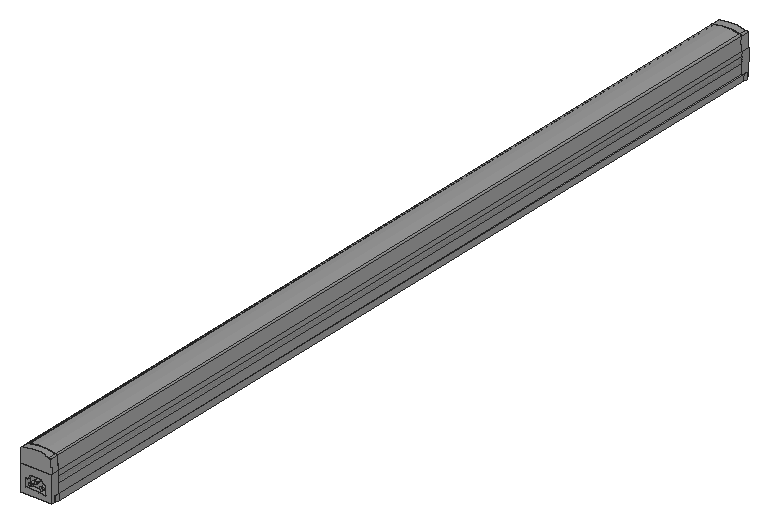
Revit family "EasyLink", category Electrical Fixtures, Revit 2013
Reference planes (in)
  plane 1 "Center (Front/Back)": y = 0
  plane 2: z = 0
  plane 3 "Center (Left/Right)": x = 0
Forms (in)
  Extrusion 1, solid, material "Plastic, Gray"
    sketch origin (3.15717, 27.14272, -27.14256) x (1, 0, 0) y (0, -0.000006, 1)
      loop
        line (32.26496, 28.60421) -> (32.26496, 28.30956)
        spline (32.26496, 28.30956) -> (32.27627, 28.25957) -> (32.27274, 28.22514) -> (32.26733, 28.19952) -> (32.26856, 28.17728) -> (32.27298, 28.15671) -> (32.27515, 28.1367) -> (32.27207, 28.11621) -> (32.26778, 28.09438) -> (32.26757, 28.07035) -> (32.27379, 28.04273) -> (32.27704, 28.00782) -> (32.26496, 27.96139)
        line (32.26496, 27.96139) -> (32.26496, 27.45883) -> (32.17561, 27.45883) -> (32.17561, 27.14284) -> (34.00695, 27.14284) -> (34.09561, 27.14284) -> (34.09561, 27.45883) -> (34.00682, 27.45883) -> (34.00682, 27.96139)
        spline (34.00682, 27.96139) -> (33.99465, 28.00817) -> (33.99792, 28.04334) -> (34.00419, 28.07117) -> (34.00398, 28.09538) -> (33.99966, 28.11738) -> (33.99655, 28.13802) -> (33.99874, 28.15818) -> (34.0032, 28.17891) -> (34.00444, 28.20131) -> (33.99898, 28.22713) -> (33.99543, 28.26182) -> (34.00682, 28.31219)
        line (34.00682, 28.31219) -> (34.00682, 28.60421) -> (32.26496, 28.60421)
    from 0 to 48
  Extrusion 2, solid, material "Plastic, Opaque White"
    sketch origin (3.15717, 27.14272, -27.14256) x (1, 0, 0) y (0, -0.000006, 1)
      loop
        line (32.26496, 28.60421) -> (32.36705, 28.60421) -> (32.41302, 29.37702)
        arc (32.41302, 29.37702) -> (33.13611, 29.47147) -> (33.8592, 29.37702) r 2.81522
        line (33.8592, 29.37702) -> (33.90517, 28.60421) -> (34.00682, 28.60421) -> (33.96363, 29.33043)
        arc (33.96363, 29.33043) -> (33.94081, 29.38926) -> (33.888, 29.42382) r 0.10323
        arc (33.888, 29.42382) -> (33.13639, 29.52547) -> (32.38477, 29.42382) r 2.82967
        arc (32.38477, 29.42382) -> (32.32897, 29.38517) -> (32.30946, 29.32016) r 0.1027
        line (32.30946, 29.32016) -> (32.26496, 28.60421)
    from 0 to 48
  Extrusion 3, solid, material "Plastic, Gray"
    sketch origin (3.15519, -20.85729, -27.14272) x (1, 0, 0) y (0, -0.000006, 1)
      loop
        line (32.26693, 28.60668) -> (32.26693, 27.14256) -> (34.0088, 27.14256) -> (34.0088, 28.60668) -> (32.26693, 28.60668)
      loop
        line (32.55615, 27.95632) -> (32.55615, 27.45632) -> (33.71615, 27.45632) -> (33.71615, 27.95632) -> (33.55757, 27.95632) -> (33.42534, 28.17638) -> (32.84608, 28.17638) -> (32.71473, 27.95632) -> (32.55615, 27.95632)
    from 0 to 0.4375
  Extrusion 4, solid, material "Plastic, Gray"
    sketch origin (3.15573, -20.85729, -27.14272) x (1, 0, 0) y (0, -0.000006, 1)
      loop
        line (32.84554, 28.17638) -> (32.71419, 27.95632) -> (32.55561, 27.95632) -> (32.55561, 27.45632) -> (33.71561, 27.45632) -> (33.71561, 27.95632) -> (33.55703, 27.95632) -> (33.4248, 28.17638) -> (32.84554, 28.17638)
      loop
        circle (33.13782, 27.92492) r 0.085
      loop
        circle (32.82077, 27.69457) r 0.085
      loop
        circle (33.45205, 27.69457) r 0.085
    from 0 to 0.125
  Extrusion 5, solid, material "Aluminum 7075"
    sketch origin (3.15573, -20.85729, -27.14272) x (1, 0, 0) y (0, -0.000006, 1)
      loop
        circle (33.13782, 27.92492) r 0.085
      loop
        circle (32.82077, 27.69457) r 0.085
      loop
        circle (33.45205, 27.69457) r 0.085
    from 0 to 0.4375
  Extrusion 6, solid, not visible
    sketch origin (-0.00054, 0, 0) x (1, 0, 0) y (0, 1, 0)
      loop
        line (32.31481, 28.58859) -> (32.31481, 28.30956)
        spline (32.31481, 28.30956) -> (32.32612, 28.25957) -> (32.3226, 28.22514) -> (32.31719, 28.19952) -> (32.31841, 28.17728) -> (32.32284, 28.15671) -> (32.32501, 28.1367) -> (32.32193, 28.11621) -> (32.31764, 28.09438) -> (32.31743, 28.07035) -> (32.32365, 28.04273) -> (32.3269, 28.00782) -> (32.31481, 27.96139)
        line (32.31481, 27.96139) -> (32.31481, 27.14256) -> (33.95684, 27.14256) -> (33.95684, 27.96139)
        spline (33.95684, 27.96139) -> (33.94467, 28.00817) -> (33.94794, 28.04334) -> (33.95421, 28.07117) -> (33.954, 28.09538) -> (33.94968, 28.11738) -> (33.94657, 28.13802) -> (33.94876, 28.15818) -> (33.95322, 28.17891) -> (33.95446, 28.20131) -> (33.949, 28.22713) -> (33.94545, 28.26182) -> (33.95684, 28.31219)
        line (33.95684, 28.31219) -> (33.95684, 28.58859) -> (32.31481, 28.58859)
      loop
        line (32.55615, 27.95632) -> (32.55615, 27.45632) -> (33.71615, 27.45632) -> (33.71615, 27.95632) -> (33.55757, 27.95632) -> (33.42534, 28.17638) -> (32.84608, 28.17638) -> (32.71473, 27.95632) -> (32.55615, 27.95632)
    from 0 to 0.4375
  Extrusion 7, solid, not visible
    sketch origin (0, 0, 0) x (1, 0, 0) y (0, 1, 0)
      loop
        line (32.84554, 28.17638) -> (32.71419, 27.95632) -> (32.55561, 27.95632) -> (32.55561, 27.45632) -> (33.71561, 27.45632) -> (33.71561, 27.95632) -> (33.55703, 27.95632) -> (33.4248, 28.17638) -> (32.84554, 28.17638)
      loop
        circle (33.13782, 27.92492) r 0.085
      loop
        circle (32.82077, 27.69457) r 0.085
      loop
        circle (33.45205, 27.69457) r 0.085
    from 0 to 0.125
  Extrusion 8, solid, not visible
    sketch origin (0, 0, 0) x (1, 0, 0) y (0, 1, 0)
      loop
        circle (33.13782, 27.92492) r 0.085
      loop
        circle (32.82077, 27.69457) r 0.085
      loop
        circle (33.45205, 27.69457) r 0.085
    from 0 to 0.4375
  Extrusion 9, solid, material "Plastic, Gray"
    sketch origin (0, 0, 0) x (1, 0, 0) y (0, 1, 0)
      loop
        line (37.25278, -20.85744) -> (37.16259, -20.85744) -> (37.16259, -21.15667) -> (37.25278, -21.06648) -> (37.25278, -20.85744)
    from 0 to 0.316
  Extrusion 10, solid, material "Plastic, Gray"
    sketch origin (72.58572, 0, 0) x (-1, 0, 0) y (0, -1, 0)
      loop
        line (37.25278, 20.85744) -> (37.25278, 21.06648) -> (37.16259, 21.15667) -> (37.16259, 20.85744) -> (37.25278, 20.85744)
    from 0 to 0.316
  Extrusion 11, solid, not visible
    sketch origin (0, -20.85745, 0) x (1, 0, 0) y (0, 0, 1)
      loop
        line (35.42404, 1.46138) -> (37.16399, 1.46138) -> (37.12067, 2.1897)
        arc (37.12067, 2.1897) -> (37.09739, 2.24741) -> (37.04517, 2.28126) r 0.10323
        arc (37.04517, 2.28126) -> (36.29356, 2.38291) -> (35.54194, 2.28126) r 2.82967
        arc (35.54194, 2.28126) -> (35.48609, 2.24255) -> (35.46663, 2.17744) r 0.1027
        line (35.46663, 2.17744) -> (35.42404, 1.46138)
    from 0 to 0.4375
  Extrusion 12, solid, not visible
    sketch origin (0, 0, 0) x (1, 0, 0) y (0, 1, 0)
      loop
        line (37.25278, -20.85744) -> (37.16259, -20.85744) -> (37.16259, -21.15667) -> (37.25278, -21.06648) -> (37.25278, -20.85744)
    from 0 to 0.316
  Extrusion 13, solid, not visible
    sketch origin (72.58572, 0, 0) x (-1, 0, 0) y (0, -1, 0)
      loop
        line (37.25278, 20.85744) -> (37.25278, 21.06648) -> (37.16259, 21.15667) -> (37.16259, 20.85744) -> (37.25278, 20.85744)
    from 0 to 0.316
  Extrusion 14, solid, material "Plastic, Gray"
    sketch origin (3.15519, 27.14238, -27.14272) x (1, 0, 0) y (0, -0.000006, -1)
      loop
        line (32.26693, -28.60668) -> (34.0088, -28.60668) -> (34.0088, -27.14256) -> (32.26693, -27.14256) -> (32.26693, -28.60668)
      loop
        line (32.55615, -27.95632) -> (32.71473, -27.95632) -> (32.84608, -28.17638) -> (33.42534, -28.17638) -> (33.55757, -27.95632) -> (33.71615, -27.95632) -> (33.71615, -27.45632) -> (32.55615, -27.45632) -> (32.55615, -27.95632)
    from 0 to 0.4375
  Extrusion 15, solid
    sketch origin (3.15573, 27.14238, -27.14272) x (1, 0, 0) y (0, -0.000006, -1)
      loop
        line (32.84554, -28.17638) -> (33.4248, -28.17638) -> (33.55703, -27.95632) -> (33.71561, -27.95632) -> (33.71561, -27.45632) -> (32.55561, -27.45632) -> (32.55561, -27.95632) -> (32.71419, -27.95632) -> (32.84554, -28.17638)
      loop
        circle (33.13782, -27.92492) r 0.085
      loop
        circle (32.82077, -27.69457) r 0.085
      loop
        circle (33.45205, -27.69457) r 0.085
    from 0 to 0.125
  Extrusion 16, solid, material "Plastic, Opaque White"
    sketch origin (0, 27.14254, 0) x (1, 0, 0) y (0, 0, -1)
      loop
        line (35.42404, -1.46138) -> (35.46663, -2.17744)
        arc (35.46663, -2.17744) -> (35.48609, -2.24255) -> (35.54194, -2.28126) r 0.1027
        arc (35.54194, -2.28126) -> (36.29356, -2.38291) -> (37.04517, -2.28126) r 2.82967
        arc (37.04517, -2.28126) -> (37.09739, -2.24741) -> (37.12067, -2.1897) r 0.10323
        line (37.12067, -2.1897) -> (37.16399, -1.46138) -> (35.42404, -1.46138)
    from 0 to 0.4375
  Extrusion 17, solid, material "Plastic, Gray"
    sketch origin (0, 6.28509, 0) x (1, 0, 0) y (0, 1, 0)
      loop
        line (37.25278, 20.85744) -> (37.25278, 21.06648) -> (37.16259, 21.15667) -> (37.16259, 20.85744) -> (37.25278, 20.85744)
    from 0 to 0.316
  Extrusion 18, solid, material "Plastic, Gray"
    sketch origin (72.58572, 6.28509, 0) x (-1, 0, 0) y (0, -1, 0)
      loop
        line (37.25278, -20.85744) -> (37.16259, -20.85744) -> (37.16259, -21.15667) -> (37.25278, -21.06648) -> (37.25278, -20.85744)
    from 0 to 0.316
  Extrusion 19, solid
    sketch origin (0, 27.51754, 0) x (1, 0, 0) y (0, 0, 1)
      loop
        line (36.54517, 0.97117) -> (36.03675, 0.97117) -> (35.90541, 0.7511) -> (35.77384, 0.7511) -> (35.77384, 0.3761) -> (36.80884, 0.3761) -> (36.80884, 0.7511) -> (36.6774, 0.7511) -> (36.54517, 0.97117)
      loop
        circle (36.29356, 0.7822) r 0.085
      loop
        circle (36.60778, 0.55185) r 0.085
      loop
        circle (35.9765, 0.55185) r 0.085
    from 0 to 0.25
  Extrusion 20, solid, material "Plastic, Gray", not visible
    sketch origin (3.15519, 27.14238, -27.14272) x (1, 0, 0) y (0, -0.000006, -1)
      loop
        line (32.26693, -28.60668) -> (34.0088, -28.60668) -> (34.0088, -27.14256) -> (32.26693, -27.14256) -> (32.26693, -28.60668)
      loop
        line (32.55615, -27.95632) -> (32.71473, -27.95632) -> (32.84608, -28.17638) -> (33.42534, -28.17638) -> (33.55757, -27.95632) -> (33.71615, -27.95632) -> (33.71615, -27.45632) -> (32.55615, -27.45632) -> (32.55615, -27.95632)
    from 0 to 0.4375
  Extrusion 21, solid, not visible
    sketch origin (3.15573, 27.14238, -27.14272) x (1, 0, 0) y (0, -0.000006, -1)
      loop
        line (32.84554, -28.17638) -> (33.4248, -28.17638) -> (33.55703, -27.95632) -> (33.71561, -27.95632) -> (33.71561, -27.45632) -> (32.55561, -27.45632) -> (32.55561, -27.95632) -> (32.71419, -27.95632) -> (32.84554, -28.17638)
      loop
        circle (33.13782, -27.92492) r 0.085
      loop
        circle (32.82077, -27.69457) r 0.085
      loop
        circle (33.45205, -27.69457) r 0.085
    from 0 to 0.125
  Extrusion 22, solid, material "Plastic, Opaque White", not visible
    sketch origin (0, 27.14254, 0) x (1, 0, 0) y (0, 0, -1)
      loop
        line (35.42404, -1.46138) -> (35.46663, -2.17744)
        arc (35.46663, -2.17744) -> (35.48609, -2.24255) -> (35.54194, -2.28126) r 0.1027
        arc (35.54194, -2.28126) -> (36.29356, -2.38291) -> (37.04517, -2.28126) r 2.82967
        arc (37.04517, -2.28126) -> (37.09739, -2.24741) -> (37.12067, -2.1897) r 0.10323
        line (37.12067, -2.1897) -> (37.16399, -1.46138) -> (35.42404, -1.46138)
    from 0 to 0.4375
  Extrusion 23, solid, material "Plastic, Gray", not visible
    sketch origin (0, 6.28509, 0) x (1, 0, 0) y (0, 1, 0)
      loop
        line (37.25278, 20.85744) -> (37.25278, 21.06648) -> (37.16259, 21.15667) -> (37.16259, 20.85744) -> (37.25278, 20.85744)
    from 0 to 0.316
  Extrusion 24, solid, material "Plastic, Gray", not visible
    sketch origin (72.58572, 6.28509, 0) x (-1, 0, 0) y (0, -1, 0)
      loop
        line (37.25278, -20.85744) -> (37.16259, -20.85744) -> (37.16259, -21.15667) -> (37.25278, -21.06648) -> (37.25278, -20.85744)
    from 0 to 0.316
  Extrusion 25, solid, not visible
    sketch origin (0, 27.51754, 0) x (1, 0, 0) y (0, 0, 1)
      loop
        line (36.54517, 0.97117) -> (36.03675, 0.97117) -> (35.90541, 0.7511) -> (35.77384, 0.7511) -> (35.77384, 0.3761) -> (36.80884, 0.3761) -> (36.80884, 0.7511) -> (36.6774, 0.7511) -> (36.54517, 0.97117)
      loop
        circle (36.29356, 0.7822) r 0.085
      loop
        circle (36.60778, 0.55185) r 0.085
      loop
        circle (35.9765, 0.55185) r 0.085
    from 0 to 0.25
  Extrusion 26, solid, material "Plastic, Opaque White"
    sketch origin (0, -21.29495, 0) x (1, 0, 0) y (0, 0, -1)
      loop
        line (35.42404, -1.46138) -> (35.46663, -2.17744)
        arc (35.46663, -2.17744) -> (35.48609, -2.24255) -> (35.54194, -2.28126) r 0.1027
        arc (35.54194, -2.28126) -> (36.29356, -2.38291) -> (37.04517, -2.28126) r 2.82967
        arc (37.04517, -2.28126) -> (37.09739, -2.24741) -> (37.12067, -2.1897) r 0.10323
        line (37.12067, -2.1897) -> (37.16399, -1.46138) -> (35.42404, -1.46138)
    from 0 to 0.4375
  Extrusion 27, solid, material "Plastic, Gray", not visible
    sketch origin (3.15519, 27.14238, -27.14272) x (1, 0, 0) y (0, -0.000006, -1)
      loop
        line (32.26693, -28.60668) -> (34.0088, -28.60668) -> (34.0088, -27.14256) -> (32.26693, -27.14256) -> (32.26693, -28.60668)
      loop
        line (32.55615, -27.95632) -> (32.71473, -27.95632) -> (32.84608, -28.17638) -> (33.42534, -28.17638) -> (33.55757, -27.95632) -> (33.71615, -27.95632) -> (33.71615, -27.45632) -> (32.55615, -27.45632) -> (32.55615, -27.95632)
    from 0 to 0.4375
  Extrusion 28, solid, not visible
    sketch origin (3.15573, 27.14238, -27.14272) x (1, 0, 0) y (0, -0.000006, -1)
      loop
        line (32.84554, -28.17638) -> (33.4248, -28.17638) -> (33.55703, -27.95632) -> (33.71561, -27.95632) -> (33.71561, -27.45632) -> (32.55561, -27.45632) -> (32.55561, -27.95632) -> (32.71419, -27.95632) -> (32.84554, -28.17638)
      loop
        circle (33.13782, -27.92492) r 0.085
      loop
        circle (32.82077, -27.69457) r 0.085
      loop
        circle (33.45205, -27.69457) r 0.085
    from 0 to 0.125
  Extrusion 29, solid, material "Plastic, Opaque White", not visible
    sketch origin (0, 27.14254, 0) x (1, 0, 0) y (0, 0, -1)
      loop
        line (35.42404, -1.46138) -> (35.46663, -2.17744)
        arc (35.46663, -2.17744) -> (35.48609, -2.24255) -> (35.54194, -2.28126) r 0.1027
        arc (35.54194, -2.28126) -> (36.29356, -2.38291) -> (37.04517, -2.28126) r 2.82967
        arc (37.04517, -2.28126) -> (37.09739, -2.24741) -> (37.12067, -2.1897) r 0.10323
        line (37.12067, -2.1897) -> (37.16399, -1.46138) -> (35.42404, -1.46138)
    from 0 to 0.4375
  Extrusion 30, solid, material "Plastic, Gray", not visible
    sketch origin (0, 6.28509, 0) x (1, 0, 0) y (0, 1, 0)
      loop
        line (37.25278, 20.85744) -> (37.25278, 21.06648) -> (37.16259, 21.15667) -> (37.16259, 20.85744) -> (37.25278, 20.85744)
    from 0 to 0.316
  Extrusion 31, solid, material "Plastic, Gray", not visible
    sketch origin (72.58572, 6.28509, 0) x (-1, 0, 0) y (0, -1, 0)
      loop
        line (37.25278, -20.85744) -> (37.16259, -20.85744) -> (37.16259, -21.15667) -> (37.25278, -21.06648) -> (37.25278, -20.85744)
    from 0 to 0.316
  Extrusion 32, solid, not visible
    sketch origin (0, 27.51754, 0) x (1, 0, 0) y (0, 0, 1)
      loop
        line (36.54517, 0.97117) -> (36.03675, 0.97117) -> (35.90541, 0.7511) -> (35.77384, 0.7511) -> (35.77384, 0.3761) -> (36.80884, 0.3761) -> (36.80884, 0.7511) -> (36.6774, 0.7511) -> (36.54517, 0.97117)
      loop
        circle (36.29356, 0.7822) r 0.085
      loop
        circle (36.60778, 0.55185) r 0.085
      loop
        circle (35.9765, 0.55185) r 0.085
    from 0 to 0.25
  Extrusion 33, solid, material "Plastic, Gray", not visible
    sketch origin (3.15519, -20.85729, -27.14272) x (1, 0, 0) y (0, -0.000006, 1)
      loop
        line (32.26693, 28.60668) -> (32.26693, 27.14256) -> (34.0088, 27.14256) -> (34.0088, 28.60668) -> (32.26693, 28.60668)
      loop
        line (32.55615, 27.95632) -> (32.55615, 27.45632) -> (33.71615, 27.45632) -> (33.71615, 27.95632) -> (33.55757, 27.95632) -> (33.42534, 28.17638) -> (32.84608, 28.17638) -> (32.71473, 27.95632) -> (32.55615, 27.95632)
    from 0 to 0.4375
  Extrusion 34, solid, material "Plastic, Gray", not visible
    sketch origin (3.15573, -20.85729, -27.14272) x (1, 0, 0) y (0, -0.000006, 1)
      loop
        line (32.84554, 28.17638) -> (32.71419, 27.95632) -> (32.55561, 27.95632) -> (32.55561, 27.45632) -> (33.71561, 27.45632) -> (33.71561, 27.95632) -> (33.55703, 27.95632) -> (33.4248, 28.17638) -> (32.84554, 28.17638)
      loop
        circle (33.13782, 27.92492) r 0.085
      loop
        circle (32.82077, 27.69457) r 0.085
      loop
        circle (33.45205, 27.69457) r 0.085
    from 0 to 0.125
  Extrusion 35, solid, material "Aluminum 7075", not visible
    sketch origin (3.15573, -20.85729, -27.14272) x (1, 0, 0) y (0, -0.000006, 1)
      loop
        circle (33.13782, 27.92492) r 0.085
      loop
        circle (32.82077, 27.69457) r 0.085
      loop
        circle (33.45205, 27.69457) r 0.085
    from 0 to 0.4375
  Extrusion 36, solid, material "Plastic, Gray", not visible
    sketch origin (0, 0, 0) x (1, 0, 0) y (0, 1, 0)
      loop
        line (37.25278, -20.85744) -> (37.16259, -20.85744) -> (37.16259, -21.15667) -> (37.25278, -21.06648) -> (37.25278, -20.85744)
    from 0 to 0.316
  Extrusion 37, solid, material "Plastic, Gray", not visible
    sketch origin (72.58572, 0, 0) x (-1, 0, 0) y (0, -1, 0)
      loop
        line (37.25278, 20.85744) -> (37.25278, 21.06648) -> (37.16259, 21.15667) -> (37.16259, 20.85744) -> (37.25278, 20.85744)
    from 0 to 0.316
  Extrusion 38, solid, material "Plastic, Opaque White", not visible
    sketch origin (0, -21.29495, 0) x (1, 0, 0) y (0, 0, -1)
      loop
        line (35.42404, -1.46138) -> (35.46663, -2.17744)
        arc (35.46663, -2.17744) -> (35.48609, -2.24255) -> (35.54194, -2.28126) r 0.1027
        arc (35.54194, -2.28126) -> (36.29356, -2.38291) -> (37.04517, -2.28126) r 2.82967
        arc (37.04517, -2.28126) -> (37.09739, -2.24741) -> (37.12067, -2.1897) r 0.10323
        line (37.12067, -2.1897) -> (37.16399, -1.46138) -> (35.42404, -1.46138)
    from 0 to 0.4375
Cuts and joins
  joined: Extrusion 3, Extrusion 4, Extrusion 9, Extrusion 10
Dimensions and locks (in)
  aligned and locked: level to plane 2
